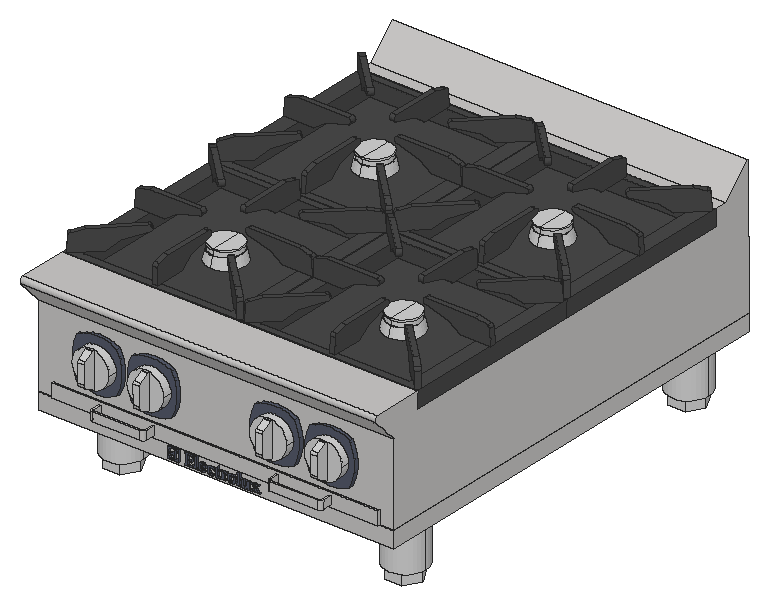
Revit family "QF_ELECTROLUXPROFESSIONAL_169131_ACG24T", category Specialty Equipment, Revit 2018
Family settings
  Round Connector Dimension = Use Diameter
  Part Type = Normal
  Work Plane-Based = No
  Always vertical = Yes
  Cut with Voids When Loaded = No
  Shared = Yes
  Room Calculation Point = No
Parameters
  Weight = "126 lbs."
  Watts = 0 W
  URL Manufacturer = "www.electrolux.com/foodservice"
  URL Cutsheet = "www.electrolux.com/foodservice"
  URL = "www.electrolux.com/foodservice"
  Type Mark [instance] = ""
  Type Comments = ""
  Status [instance] = ""
  Specification by User [instance] = ""
  Specification by Manufacturer = ""
  Show Logo = yes
  Show Clearance = yes
  Serial Number = ""
  Seismic Rating = ""
  SMACNA No = ""
  Revision Code [instance] = ""
  Omniclass Number and Title = ""
  NAFEM Spec ID Number = ""
  Model = "AGC24T"
  Mechanical Remarks [instance] = ""
  Mechanical Connection Type [instance] = ""
  MasterSpec. = ""
  Manufacturer = "ELECTROLUX"
  Item Number [instance] = ""
  Installed By [instance] = ""
  Identify Quantity as Lot [instance] = yes
  HP = "0 HP"
  Gas Size = 3/4"
  Gas RI Height [instance] = 0"
  Gas RI Connection Height [instance] = 7 9/16"
  Gas KW = 38
  Gas Input = 130000.0 Btu/h
  Furnished By [instance] = ""
  Foodservice Equipment Identifier [instance] = yes
  Direct Waste Size = 0"
  Description = "4 Open Gas Burner Top 24\" with Thermocouples"
  CSI MasterFormat = ""
  CSI Master Format = ""
Reference planes (in)
  plane 1 "BACK": y = 0
  plane 2: z = 0
  plane 3 "LEFT": x = 0
  plane 4 "RIGHT": x = 24
  plane 5 "FRONT": y = -31.49658
  plane 6 "TOP": z = 14.625
Forms (in)
  Extrusion 1, solid, material "QF_Finishes_Stainless Steel"
    sketch origin (0, 0, 0) x (0, 1, 0) y (0, 0, 1)
      loop
        arc (-31.25479, 12.8739) -> (-31.47376, 12.73038) -> (-31.42952, 12.47232) r 0.23881
        line (-31.42952, 12.47232) -> (-29.92264, 10.85467) -> (-29.92264, 5.3439) -> (0, 5.3439) -> (0, 14.64456) -> (-1.88863, 12.87587) -> (-2.73705, 12.87587) -> (-2.73705, 11.78131) -> (-27.90975, 11.78131) -> (-27.90964, 12.8739) -> (-31.25479, 12.8739)
      loop
        line (-29.92264, 5.30453) -> (-29.92264, 4.1875) -> (0, 4.1875) -> (0, 5.28228) -> (-29.92264, 5.30453)
    from 0 to 24
  Extrusion 2, solid, material "QF_Finishes_Handrails and Railings"
    sketch origin (0, -0.11377, 0) x (1, 0, 0) y (0, 1, 0)
      loop
        line (3.07085, -24.73494) -> (1.88975, -24.73494) -> (1.2992, -25.75781) -> (1.88975, -26.78067) -> (3.07085, -26.78067) -> (3.6614, -25.75781) -> (3.07085, -24.73494)
    from 0 to 0.78729
  Revolve 3, solid, material "QF_Finishes_Handrails and Railings"
    sketch origin (0, -25.87158, 0) x (1, 0, 0) y (0, 0, 1)
      loop
        line (2.4803, 0.78729) -> (2.4803, 4.1875) -> (1.10235, 4.1875) -> (1.10235, 0.78729) -> (2.4803, 0.78729)
      axis (2.4803, 4.1875) -> (2.4803, 0.78729)
    angle from 0 to 360
  Extrusion 4, solid, material "QF_Finishes_Handrails and Railings"
    sketch origin (0, 23.82031, 0) x (1, 0, 0) y (0, 1, 0)
      loop
        line (3.07085, -24.73494) -> (1.88975, -24.73494) -> (1.2992, -25.75781) -> (1.88975, -26.78067) -> (3.07085, -26.78067) -> (3.6614, -25.75781) -> (3.07085, -24.73494)
    from 0 to 0.78729
  Revolve 5, solid, material "QF_Finishes_Handrails and Railings"
    sketch origin (0, -1.9375, 0) x (1, 0, 0) y (0, 0, 1)
      loop
        line (2.4803, 0.78729) -> (2.4803, 4.1875) -> (1.10235, 4.1875) -> (1.10235, 0.78729) -> (2.4803, 0.78729)
      axis (2.4803, 4.1875) -> (2.4803, 0.78729)
    angle from 0 to 360
  Extrusion 6, solid, material "QF_Finishes_Black"
    sketch origin (0, 0, 0.87587) x (1, 0, 0) y (0, 1, 0)
      loop
        line (0, -2.73705) -> (0, -15.30609) -> (12, -15.30609) -> (12, -2.73705) -> (0, -2.73705)
      loop
        line (11.02362, -3.25097) -> (1.00352, -3.25097) -> (1.00352, -14.81396) -> (11.02362, -14.81396) -> (11.02362, -3.25097)
    from 10.90544 to 12
  Extrusion 7, solid, material "QF_Finishes_Black"
    sketch origin (0, -12.5853, 0.87587) x (1, 0, 0) y (0, 1, 0)
      loop
        line (0, -2.73705) -> (0, -15.30609) -> (12, -15.30609) -> (12, -2.73705) -> (0, -2.73705)
      loop
        line (11.02362, -3.25097) -> (1.00352, -3.25097) -> (1.00352, -14.81396) -> (11.02362, -14.81396) -> (11.02362, -3.25097)
    from 10.90544 to 12
  Extrusion 8, solid, material "QF_Finishes_Black"
    sketch origin (0, 0, 0.87587) x (1, 0, 0) y (0, 0, 1)
      loop
        line (11.03315, 13.42509) -> (7.66123, 13.42509)
        arc (7.66123, 13.42509) -> (7.46568, 13.25445) -> (7.60826, 13.03759) r 0.19737
        line (7.60826, 13.03759) -> (9.18152, 12.59928) -> (9.9716, 12) -> (12.01256, 12) -> (11.95626, 13.03934)
        arc (11.95626, 13.03934) -> (11.91054, 13.15724) -> (11.80402, 13.2254) r 0.20358
        line (11.80402, 13.2254) -> (11.03315, 13.42509)
    from 8.86514 to 9.19979
  Extrusion 9, solid, material "QF_Finishes_Black"
    sketch origin (12, 0, 0.87587) x (-1, 0, 0) y (0, 0, -1)
      loop
        line (11.03315, -13.42509) -> (11.80402, -13.2254)
        arc (11.80402, -13.2254) -> (11.91054, -13.15724) -> (11.95626, -13.03934) r 0.20358
        line (11.95626, -13.03934) -> (12.01256, -12) -> (9.9716, -12) -> (9.18152, -12.59928) -> (7.60826, -13.03759)
        arc (7.60826, -13.03759) -> (7.46568, -13.25445) -> (7.66123, -13.42509) r 0.19737
        line (7.66123, -13.42509) -> (11.03315, -13.42509)
    from 8.86514 to 9.19979
  Extrusion 10, solid, material "QF_Finishes_Black"
    sketch origin (15.0275, -5.00709, 0.87587) x (-0.707107, 0.707107, 0) y (0, 0, -1)
      loop
        line (11.03315, -13.42509) -> (11.80402, -13.2254)
        arc (11.80402, -13.2254) -> (11.91054, -13.15724) -> (11.95626, -13.03934) r 0.20358
        line (11.95626, -13.03934) -> (12.01256, -12) -> (9.9716, -12) -> (9.18152, -12.59928) -> (7.60826, -13.03759)
        arc (7.60826, -13.03759) -> (7.46568, -13.25445) -> (7.66123, -13.42509) r 0.19737
        line (7.66123, -13.42509) -> (11.03315, -13.42509)
    from 8.86514 to 9.19979
  Extrusion 11, solid, material "QF_Finishes_Black"
    sketch origin (-3.0275, -5.00709, 0.87587) x (0.707107, 0.707107, 0) y (0, 0, 1)
      loop
        line (11.03315, 13.42509) -> (7.66123, 13.42509)
        arc (7.66123, 13.42509) -> (7.46568, 13.25445) -> (7.60826, 13.03759) r 0.19737
        line (7.60826, 13.03759) -> (9.18152, 12.59928) -> (9.9716, 12) -> (12.01256, 12) -> (11.95626, 13.03934)
        arc (11.95626, 13.03934) -> (11.91054, 13.15724) -> (11.80402, 13.2254) r 0.20358
        line (11.80402, 13.2254) -> (11.03315, 13.42509)
    from 8.86514 to 9.19979
  Extrusion 12, solid, material "QF_Finishes_Black"
    sketch origin (15.0275, -13.05784, 0.87587) x (-0.707107, -0.707107, 0) y (0, 0, 1)
      loop
        line (11.03315, 13.42509) -> (7.66123, 13.42509)
        arc (7.66123, 13.42509) -> (7.46568, 13.25445) -> (7.60826, 13.03759) r 0.19737
        line (7.60826, 13.03759) -> (9.18152, 12.59928) -> (9.9716, 12) -> (12.01256, 12) -> (11.95626, 13.03934)
        arc (11.95626, 13.03934) -> (11.91054, 13.15724) -> (11.80402, 13.2254) r 0.20358
        line (11.80402, 13.2254) -> (11.03315, 13.42509)
    from 8.86514 to 9.19979
  Extrusion 13, solid, material "QF_Finishes_Black"
    sketch origin (-3.0275, -13.05784, 0.87587) x (0.707107, -0.707107, 0) y (0, 0, -1)
      loop
        line (11.03315, -13.42509) -> (11.80402, -13.2254)
        arc (11.80402, -13.2254) -> (11.91054, -13.15724) -> (11.95626, -13.03934) r 0.20358
        line (11.95626, -13.03934) -> (12.01256, -12) -> (9.9716, -12) -> (9.18152, -12.59928) -> (7.60826, -13.03759)
        arc (7.60826, -13.03759) -> (7.46568, -13.25445) -> (7.66123, -13.42509) r 0.19737
        line (7.66123, -13.42509) -> (11.03315, -13.42509)
    from 8.86514 to 9.19979
  Revolve 14, solid, material "QF_Finishes_Handrails and Railings"
    sketch origin (6, 12.54137, 0.87587) x (0, 1, 0) y (0, 0, 1)
      loop
        line (-21.57384, 12.02311) -> (-21.57384, 10.90544) -> (-20.31076, 10.90544) -> (-20.47945, 11.5802) -> (-20.54501, 11.5802) -> (-20.54501, 11.93953) -> (-20.47945, 11.93953) -> (-20.47945, 12.02311) -> (-21.57384, 12.02311)
      axis (-21.57384, 12.02311) -> (-21.57384, 10.90544)
    angle from 0 to 360
  Extrusion 15, solid, material "QF_Finishes_Black"
    sketch origin (0, -12.58301, 0.87587) x (1, 0, 0) y (0, 0, 1)
      loop
        line (11.03315, 13.42509) -> (7.66123, 13.42509)
        arc (7.66123, 13.42509) -> (7.46568, 13.25445) -> (7.60826, 13.03759) r 0.19737
        line (7.60826, 13.03759) -> (9.18152, 12.59928) -> (9.9716, 12) -> (12.01256, 12) -> (11.95626, 13.03934)
        arc (11.95626, 13.03934) -> (11.91054, 13.15724) -> (11.80402, 13.2254) r 0.20358
        line (11.80402, 13.2254) -> (11.03315, 13.42509)
    from 8.86514 to 9.19979
  Extrusion 16, solid, material "QF_Finishes_Black"
    sketch origin (12, -12.58301, 0.87587) x (-1, 0, 0) y (0, 0, -1)
      loop
        line (11.03315, -13.42509) -> (11.80402, -13.2254)
        arc (11.80402, -13.2254) -> (11.91054, -13.15724) -> (11.95626, -13.03934) r 0.20358
        line (11.95626, -13.03934) -> (12.01256, -12) -> (9.9716, -12) -> (9.18152, -12.59928) -> (7.60826, -13.03759)
        arc (7.60826, -13.03759) -> (7.46568, -13.25445) -> (7.66123, -13.42509) r 0.19737
        line (7.66123, -13.42509) -> (11.03315, -13.42509)
    from 8.86514 to 9.19979
  Extrusion 17, solid, material "QF_Finishes_Black"
    sketch origin (15.0275, -17.5901, 0.87587) x (-0.707107, 0.707107, 0) y (0, 0, -1)
      loop
        line (11.03315, -13.42509) -> (11.80402, -13.2254)
        arc (11.80402, -13.2254) -> (11.91054, -13.15724) -> (11.95626, -13.03934) r 0.20358
        line (11.95626, -13.03934) -> (12.01256, -12) -> (9.9716, -12) -> (9.18152, -12.59928) -> (7.60826, -13.03759)
        arc (7.60826, -13.03759) -> (7.46568, -13.25445) -> (7.66123, -13.42509) r 0.19737
        line (7.66123, -13.42509) -> (11.03315, -13.42509)
    from 8.86514 to 9.19979
  Extrusion 18, solid, material "QF_Finishes_Black"
    sketch origin (-3.0275, -17.5901, 0.87587) x (0.707107, 0.707107, 0) y (0, 0, 1)
      loop
        line (11.03315, 13.42509) -> (7.66123, 13.42509)
        arc (7.66123, 13.42509) -> (7.46568, 13.25445) -> (7.60826, 13.03759) r 0.19737
        line (7.60826, 13.03759) -> (9.18152, 12.59928) -> (9.9716, 12) -> (12.01256, 12) -> (11.95626, 13.03934)
        arc (11.95626, 13.03934) -> (11.91054, 13.15724) -> (11.80402, 13.2254) r 0.20358
        line (11.80402, 13.2254) -> (11.03315, 13.42509)
    from 8.86514 to 9.19979
  Extrusion 19, solid, material "QF_Finishes_Black"
    sketch origin (15.0275, -25.64085, 0.87587) x (-0.707107, -0.707107, 0) y (0, 0, 1)
      loop
        line (11.03315, 13.42509) -> (7.66123, 13.42509)
        arc (7.66123, 13.42509) -> (7.46568, 13.25445) -> (7.60826, 13.03759) r 0.19737
        line (7.60826, 13.03759) -> (9.18152, 12.59928) -> (9.9716, 12) -> (12.01256, 12) -> (11.95626, 13.03934)
        arc (11.95626, 13.03934) -> (11.91054, 13.15724) -> (11.80402, 13.2254) r 0.20358
        line (11.80402, 13.2254) -> (11.03315, 13.42509)
    from 8.86514 to 9.19979
  Extrusion 20, solid, material "QF_Finishes_Black"
    sketch origin (-3.0275, -25.64085, 0.87587) x (0.707107, -0.707107, 0) y (0, 0, -1)
      loop
        line (11.03315, -13.42509) -> (11.80402, -13.2254)
        arc (11.80402, -13.2254) -> (11.91054, -13.15724) -> (11.95626, -13.03934) r 0.20358
        line (11.95626, -13.03934) -> (12.01256, -12) -> (9.9716, -12) -> (9.18152, -12.59928) -> (7.60826, -13.03759)
        arc (7.60826, -13.03759) -> (7.46568, -13.25445) -> (7.66123, -13.42509) r 0.19737
        line (7.66123, -13.42509) -> (11.03315, -13.42509)
    from 8.86514 to 9.19979
  Revolve 21, solid, material "QF_Finishes_Handrails and Railings"
    sketch origin (6, -0.04163, 0.87587) x (0, 1, 0) y (0, 0, 1)
      loop
        line (-21.57384, 12.02311) -> (-21.57384, 10.90544) -> (-20.31076, 10.90544) -> (-20.47945, 11.5802) -> (-20.54501, 11.5802) -> (-20.54501, 11.93953) -> (-20.47945, 11.93953) -> (-20.47945, 12.02311) -> (-21.57384, 12.02311)
      axis (-21.57384, 12.02311) -> (-21.57384, 10.90544)
    angle from 0 to 360
  Extrusion 22, solid, material "Navy Blue"
    sketch origin (0, 0, 0) x (1, 0, 0) y (0, 0, 1)
      loop
        arc (6.50574, 9.87065) -> (6.16818, 8.46518) -> (6.50574, 7.05971) r 3.09468
        arc (6.50574, 7.05971) -> (7.85673, 6.69495) -> (9.20772, 7.05971) r 2.68427
        arc (9.20772, 7.05971) -> (9.54528, 8.46518) -> (9.20772, 9.87065) r 3.09468
        arc (9.20772, 9.87065) -> (7.85673, 10.23541) -> (6.50574, 9.87065) r 2.68427
    from 29.92264 to 30.17272
  Extrusion 23, solid, material "QF_Finishes_Handrails and Railings"
    sketch origin (0, 0, 0) x (1, 0, 0) y (0, 0, 1)
      loop
        circle (7.85673, 8.46518) r 1.25
    from 30.17272 to 30.7208
  Extrusion 24, solid, material "QF_Finishes_Handrails and Railings"
    sketch origin (0, -0.08156, 0) x (0, 1, 0) y (0, 0, 1)
      loop
        line (-30.7208, 9.61954) -> (-31.32961, 9.27409)
        arc (-31.32961, 9.27409) -> (-31.39236, 9.21203) -> (-31.41533, 9.12681) r 0.16924
        line (-31.41533, 9.12681) -> (-31.41471, 7.86711)
        arc (-31.41471, 7.86711) -> (-31.37661, 7.72631) -> (-31.27282, 7.62384) r 0.27972
        line (-31.27282, 7.62384) -> (-30.7208, 7.31125) -> (-30.63924, 7.31125) -> (-30.63924, 9.61954) -> (-30.7208, 9.61954)
    from 7.63866 to 8.09484
  Extrusion 25, solid, material "Navy Blue"
    sketch origin (12, 0, 0) x (-1, 0, 0) y (0, 0, -1)
      loop
        arc (6.50574, -9.87065) -> (7.85673, -10.23541) -> (9.20772, -9.87065) r 2.68427
        arc (9.20772, -9.87065) -> (9.54528, -8.46518) -> (9.20772, -7.05971) r 3.09468
        arc (9.20772, -7.05971) -> (7.85673, -6.69495) -> (6.50574, -7.05971) r 2.68427
        arc (6.50574, -7.05971) -> (6.16818, -8.46518) -> (6.50574, -9.87065) r 3.09468
    from 29.92264 to 30.17272
  Extrusion 26, solid, material "QF_Finishes_Handrails and Railings"
    sketch origin (12, 0, 0) x (-1, 0, 0) y (0, 0, -1)
      loop
        circle (7.85673, -8.46518) r 1.25
    from 30.17272 to 30.7208
  Extrusion 27, solid, material "QF_Finishes_Handrails and Railings"
    sketch origin (12, -0.08156, 0) x (0, 1, 0) y (0, 0, -1)
      loop
        line (-30.7208, -9.61954) -> (-30.63924, -9.61954) -> (-30.63924, -7.31125) -> (-30.7208, -7.31125) -> (-31.27282, -7.62384)
        arc (-31.27282, -7.62384) -> (-31.37661, -7.72631) -> (-31.41471, -7.86711) r 0.27972
        line (-31.41471, -7.86711) -> (-31.41533, -9.12681)
        arc (-31.41533, -9.12681) -> (-31.39236, -9.21203) -> (-31.32961, -9.27409) r 0.16924
        line (-31.32961, -9.27409) -> (-30.7208, -9.61954)
    from 7.63866 to 8.09484
  Extrusion 28, solid, material "QF_Finishes_Stainless Steel"
    sketch origin (0, 0, 0) x (1, 0, 0) y (0, 0, 1)
      loop
        line (1, 5.3439) -> (23.02362, 5.3439) -> (23.02362, 6.23559) -> (1, 6.23559) -> (1, 5.3439)
    from 29.92264 to 30.06107
  Extrusion 29, solid, material "QF_Finishes_Stainless Steel"
    sketch origin (0, 0, 0) x (1, 0, 0) y (0, 1, 0)
      loop
        line (4.14807, -30.06107) -> (4.14807, -30.63839)
        arc (4.14807, -30.63839) -> (4.2213, -30.81517) -> (4.39807, -30.88839) r 0.25
        line (4.39807, -30.88839) -> (7.60673, -30.88839)
        arc (7.60673, -30.88839) -> (7.78351, -30.81517) -> (7.85673, -30.63839) r 0.25
        line (7.85673, -30.63839) -> (7.85673, -30.06107) -> (7.73173, -30.06107) -> (7.73173, -30.63839)
        arc (7.73173, -30.63839) -> (7.69512, -30.72678) -> (7.60673, -30.76339) r 0.125
        line (7.60673, -30.76339) -> (4.39807, -30.76339)
        arc (4.39807, -30.76339) -> (4.30968, -30.72678) -> (4.27307, -30.63839) r 0.125
        line (4.27307, -30.63839) -> (4.27307, -30.06107) -> (4.14807, -30.06107)
    from 5.46007 to 6.02609
  Extrusion 30, solid, material "QF_Finishes_Black"
    sketch origin (15.03247, -15.61547, 0.87587) x (0, -1, 0) y (0, 0, 1)
      loop
        line (11.03315, 13.42509) -> (7.66123, 13.42509)
        arc (7.66123, 13.42509) -> (7.46568, 13.25445) -> (7.60826, 13.03759) r 0.19737
        line (7.60826, 13.03759) -> (9.18152, 12.59928) -> (9.9716, 12) -> (12.01256, 12) -> (11.95626, 13.03934)
        arc (11.95626, 13.03934) -> (11.91054, 13.15724) -> (11.80402, 13.2254) r 0.20358
        line (11.80402, 13.2254) -> (11.03315, 13.42509)
    from 8.86514 to 9.19979
  Extrusion 31, solid, material "QF_Finishes_Black"
    sketch origin (15.03247, -27.61547, 0.87587) x (0, 1, 0) y (0, 0, -1)
      loop
        line (11.03315, -13.42509) -> (11.80402, -13.2254)
        arc (11.80402, -13.2254) -> (11.91054, -13.15724) -> (11.95626, -13.03934) r 0.20358
        line (11.95626, -13.03934) -> (12.01256, -12) -> (9.9716, -12) -> (9.18152, -12.59928) -> (7.60826, -13.03759)
        arc (7.60826, -13.03759) -> (7.46568, -13.25445) -> (7.66123, -13.42509) r 0.19737
        line (7.66123, -13.42509) -> (11.03315, -13.42509)
    from 8.86514 to 9.19979
  Extrusion 32, solid, material "QF_Finishes_Black"
    sketch origin (15.03247, -3.03247, 0.87587) x (0, -1, 0) y (0, 0, 1)
      loop
        line (11.03315, 13.42509) -> (7.66123, 13.42509)
        arc (7.66123, 13.42509) -> (7.46568, 13.25445) -> (7.60826, 13.03759) r 0.19737
        line (7.60826, 13.03759) -> (9.18152, 12.59928) -> (9.9716, 12) -> (12.01256, 12) -> (11.95626, 13.03934)
        arc (11.95626, 13.03934) -> (11.91054, 13.15724) -> (11.80402, 13.2254) r 0.20358
        line (11.80402, 13.2254) -> (11.03315, 13.42509)
    from 8.86514 to 9.19979
  Extrusion 33, solid, material "QF_Finishes_Black"
    sketch origin (15.03247, -15.03247, 0.87587) x (0, 1, 0) y (0, 0, -1)
      loop
        line (11.03315, -13.42509) -> (11.80402, -13.2254)
        arc (11.80402, -13.2254) -> (11.91054, -13.15724) -> (11.95626, -13.03934) r 0.20358
        line (11.95626, -13.03934) -> (12.01256, -12) -> (9.9716, -12) -> (9.18152, -12.59928) -> (7.60826, -13.03759)
        arc (7.60826, -13.03759) -> (7.46568, -13.25445) -> (7.66123, -13.42509) r 0.19737
        line (7.66123, -13.42509) -> (11.03315, -13.42509)
    from 8.86514 to 9.19979
  Extrusion 34, solid, material "Navy Blue", visible <- "Show Logo"
    sketch origin (-13.66497, 15.97722, -64.54174) x (1, 0, 0) y (0, 0, 1)
      loop
        line (22.92786, 69.6462) -> (22.92786, 68.97238)
        arc (22.92786, 68.97238) -> (23.17694, 69.30929) -> (22.92786, 69.6462) r 0.35239
      loop
        arc (22.89359, 69.6462) -> (22.61337, 69.58251) -> (22.47836, 69.32883) r 0.34534
        line (22.47836, 69.32883) -> (22.58983, 69.32883)
        arc (22.58983, 69.32883) -> (22.78898, 69.40966) -> (22.89359, 69.59741) r 0.32369
        line (22.89359, 69.59741) -> (22.89359, 69.6462)
      loop
        arc (22.89359, 69.02118) -> (22.78898, 69.20892) -> (22.58983, 69.28976) r 0.32369
        line (22.58983, 69.28976) -> (22.47836, 69.28976)
        arc (22.47836, 69.28976) -> (22.61314, 69.03398) -> (22.89359, 68.96373) r 0.35438
        line (22.89359, 68.96373) -> (22.89359, 69.02118)
      loop
        line (22.45278, 69.68297) -> (22.45278, 68.93408) -> (23.20268, 68.93408) -> (23.20268, 69.68297) -> (22.45278, 69.68297)
      loop
        line (23.57392, 69.68753) -> (23.57392, 69.6483)
        arc (23.57392, 69.6483) -> (23.62149, 69.63495) -> (23.64661, 69.59241) r 0.06626
        line (23.64661, 69.59241) -> (23.64661, 69.02506)
        arc (23.64661, 69.02506) -> (23.62256, 68.98016) -> (23.57396, 68.96488) r 0.06745
        line (23.57396, 68.96488) -> (23.57396, 68.92937) -> (24.14289, 68.92937) -> (24.14289, 69.07925) -> (24.094, 69.07925)
        arc (24.094, 69.07925) -> (24.0624, 69.02972) -> (24.00915, 69.0049) r 0.10503
        line (24.00915, 69.0049) -> (23.87299, 69.0049)
        arc (23.87299, 69.0049) -> (23.83329, 69.01991) -> (23.81345, 69.05743) r 0.06
        line (23.81345, 69.05743) -> (23.81345, 69.28009) -> (24.01361, 69.28009)
        arc (24.01361, 69.28009) -> (24.04135, 69.26003) -> (24.05328, 69.22795) r 0.05899
        line (24.05328, 69.22795) -> (24.08489, 69.22795) -> (24.08489, 69.40532) -> (24.05328, 69.40532)
        arc (24.05328, 69.40532) -> (24.04135, 69.37324) -> (24.01361, 69.35319) r 0.05899
        line (24.01361, 69.35319) -> (23.81345, 69.35319) -> (23.81345, 69.60803) -> (24.01764, 69.60803)
        arc (24.01764, 69.60803) -> (24.06367, 69.59288) -> (24.08951, 69.55188) r 0.07161
        line (24.08951, 69.55188) -> (24.12389, 69.55188) -> (24.12389, 69.68753) -> (23.57392, 69.68753)
      loop
        line (24.19687, 69.68753) -> (24.19687, 69.65098)
        arc (24.19687, 69.65098) -> (24.24558, 69.63081) -> (24.26576, 69.58209) r 0.06889
        line (24.26576, 69.58209) -> (24.26576, 69.05632)
        arc (24.26576, 69.05632) -> (24.24416, 69.00892) -> (24.19421, 68.99412) r 0.06281
        line (24.19421, 68.99412) -> (24.19421, 68.92937) -> (24.48487, 68.92937) -> (24.48487, 68.99412)
        arc (24.48487, 68.99412) -> (24.43492, 69.00892) -> (24.41332, 69.05632) r 0.06281
        line (24.41332, 69.05632) -> (24.41332, 69.71411) -> (24.19687, 69.68753)
      loop
        line (24.67774, 69.1307) -> (24.67774, 69.19988) -> (25.02902, 69.19988) -> (25.02902, 69.24342)
        arc (25.02902, 69.24342) -> (24.97537, 69.38403) -> (24.8417, 69.45315) r 0.21106
        line (24.8417, 69.45315) -> (24.74575, 69.45315)
        arc (24.74575, 69.45315) -> (24.58967, 69.3885) -> (24.52503, 69.23242) r 0.22073
        line (24.52503, 69.23242) -> (24.52503, 69.123)
        arc (24.52503, 69.123) -> (24.60594, 68.96944) -> (24.76978, 68.91213) r 0.23712
        arc (24.76978, 68.91213) -> (24.904, 68.93198) -> (25.01703, 69.00704) r 0.31131
        line (25.01703, 69.00704) -> (25.01703, 69.05875)
        arc (25.01703, 69.05875) -> (24.93153, 69.01883) -> (24.83791, 69.00704) r 0.304
        arc (24.83791, 69.00704) -> (24.73948, 69.04304) -> (24.68203, 69.1307) r 0.16658
      loop
        line (24.67774, 69.2685) -> (24.88387, 69.2685) -> (24.88387, 69.31067)
        arc (24.88387, 69.31067) -> (24.8636, 69.36636) -> (24.81228, 69.39599) r 0.08663
        line (24.81228, 69.39599) -> (24.7671, 69.39599)
        arc (24.7671, 69.39599) -> (24.69868, 69.34888) -> (24.67774, 69.2685) r 0.11901
      loop
        arc (25.57907, 69.42057) -> (25.48785, 69.4472) -> (25.39322, 69.45579) r 0.49163
        line (25.39322, 69.45579) -> (25.31898, 69.45579)
        arc (25.31898, 69.45579) -> (25.16644, 69.39261) -> (25.10326, 69.24007) r 0.21572
        line (25.10326, 69.24007) -> (25.10326, 69.09839)
        arc (25.10326, 69.09839) -> (25.1737, 68.97407) -> (25.30297, 68.91318) r 0.23599
        line (25.30297, 68.91318) -> (25.41932, 68.91318)
        arc (25.41932, 68.91318) -> (25.51994, 68.94946) -> (25.60259, 69.01736) r 0.31449
        line (25.60259, 69.01736) -> (25.60259, 69.06672) -> (25.56735, 69.06672)
        arc (25.56735, 69.06672) -> (25.51758, 69.02418) -> (25.45391, 69.00888) r 0.14017
        line (25.45391, 69.00888) -> (25.37135, 69.00888)
        arc (25.37135, 69.00888) -> (25.28191, 69.06369) -> (25.2469, 69.16257) r 0.15712
        line (25.2469, 69.16257) -> (25.2469, 69.23224)
        arc (25.2469, 69.23224) -> (25.27742, 69.33147) -> (25.36813, 69.38195) r 0.13914
        line (25.36813, 69.38195) -> (25.42553, 69.38195)
        arc (25.42553, 69.38195) -> (25.4982, 69.34763) -> (25.53993, 69.27894) r 0.13972
        line (25.53993, 69.27894) -> (25.57907, 69.27894) -> (25.57907, 69.42057)
      loop
        line (25.5938, 69.36509) -> (25.67558, 69.36509) -> (25.67558, 69.03555)
        arc (25.67558, 69.03555) -> (25.71142, 68.94902) -> (25.79795, 68.91318) r 0.12237
        line (25.79795, 68.91318) -> (25.88423, 68.91318)
        arc (25.88423, 68.91318) -> (25.95312, 68.94271) -> (26.00819, 68.99355) r 0.22123
        line (26.00819, 68.99355) -> (26.00819, 69.02847) -> (25.97122, 69.02847)
        arc (25.97122, 69.02847) -> (25.93052, 69.00759) -> (25.88479, 69.00888) r 0.09207
        arc (25.88479, 69.00888) -> (25.84186, 69.03838) -> (25.82533, 69.08778) r 0.08208
        line (25.82533, 69.08778) -> (25.82533, 69.36773) -> (25.95595, 69.36773) -> (25.98627, 69.39804) -> (25.98627, 69.44281) -> (25.83045, 69.44281) -> (25.83045, 69.61886) -> (25.5938, 69.36509)
      loop
        line (26.03517, 68.92504) -> (26.32868, 68.92504) -> (26.32868, 68.98552)
        arc (26.32868, 68.98552) -> (26.27686, 69.00698) -> (26.2554, 69.0588) r 0.07328
        line (26.2554, 69.0588) -> (26.2554, 69.25583)
        arc (26.2554, 69.25583) -> (26.28765, 69.29749) -> (26.33792, 69.31327) r 0.088
        line (26.33792, 69.31327) -> (26.42268, 69.31327) -> (26.46, 69.45253) -> (26.38466, 69.45253)
        arc (26.38466, 69.45253) -> (26.3098, 69.42153) -> (26.2788, 69.34667) r 0.10586
        line (26.2788, 69.34667) -> (26.24521, 69.34667) -> (26.24521, 69.44913) -> (26.0346, 69.42699) -> (26.0346, 69.39208)
        arc (26.0346, 69.39208) -> (26.08292, 69.37113) -> (26.10845, 69.32506) r 0.08178
        line (26.10845, 69.32506) -> (26.10845, 69.0588)
        arc (26.10845, 69.0588) -> (26.08698, 69.00698) -> (26.03517, 68.98552) r 0.07328
        line (26.03517, 68.98552) -> (26.03517, 68.92504)
      loop
        line (26.4717, 69.2575) -> (26.4717, 69.11082)
        arc (26.4717, 69.11082) -> (26.54295, 68.97757) -> (26.68084, 68.91579) r 0.23366
        arc (26.68084, 68.91579) -> (26.75604, 68.91233) -> (26.83125, 68.91579) r 0.81853
        arc (26.83125, 68.91579) -> (26.96914, 68.97757) -> (27.04039, 69.11082) r 0.23366
        line (27.04039, 69.11082) -> (27.04039, 69.2575)
        arc (27.04039, 69.2575) -> (26.96914, 69.39075) -> (26.83125, 69.45253) r 0.23366
        arc (26.83125, 69.45253) -> (26.75604, 69.45599) -> (26.68084, 69.45253) r 0.81853
        arc (26.68084, 69.45253) -> (26.54295, 69.39075) -> (26.4717, 69.2575) r 0.23366
      loop
        line (26.64139, 69.26866) -> (26.64139, 69.09966)
        arc (26.64139, 69.09966) -> (26.75891, 68.98213) -> (26.87643, 69.09966) r 0.11752
        line (26.87643, 69.09966) -> (26.87643, 69.26866)
        arc (26.87643, 69.26866) -> (26.75891, 69.38619) -> (26.64139, 69.26866) r 0.11752
      loop
        line (27.08187, 69.68753) -> (27.08187, 69.64903)
        arc (27.08187, 69.64903) -> (27.13059, 69.62885) -> (27.15076, 69.58014) r 0.06889
        line (27.15076, 69.58014) -> (27.15076, 69.04265)
        arc (27.15076, 69.04265) -> (27.12916, 68.99525) -> (27.07922, 68.98045) r 0.06281
        line (27.07922, 68.98045) -> (27.07922, 68.92937) -> (27.36987, 68.92937) -> (27.36987, 68.98045)
        arc (27.36987, 68.98045) -> (27.31992, 68.99525) -> (27.29832, 69.04265) r 0.06281
        line (27.29832, 69.04265) -> (27.29832, 69.71411) -> (27.08187, 69.68753)
      loop
        arc (27.56578, 68.9189) -> (27.48158, 68.95913) -> (27.44739, 69.04596) r 0.12738
        line (27.44739, 69.04596) -> (27.44739, 69.31948)
        arc (27.44739, 69.31948) -> (27.42537, 69.36878) -> (27.37395, 69.38526) r 0.06618
        line (27.37395, 69.38526) -> (27.37395, 69.42631) -> (27.59762, 69.44982) -> (27.59762, 69.11219)
        arc (27.59762, 69.11219) -> (27.62174, 69.04935) -> (27.68172, 69.01879) r 0.09392
        arc (27.68172, 69.01879) -> (27.73752, 69.02275) -> (27.78856, 69.04565) r 0.16019
        line (27.78856, 69.04565) -> (27.78856, 69.32369)
        arc (27.78856, 69.32369) -> (27.76083, 69.36469) -> (27.71529, 69.38406) r 0.08743
        line (27.71529, 69.38406) -> (27.71529, 69.42692) -> (27.94433, 69.44294) -> (27.94433, 69.02604)
        arc (27.94433, 69.02604) -> (27.9585, 68.98878) -> (27.99384, 68.97036) r 0.05606
        line (27.99384, 68.97036) -> (27.99384, 68.92937) -> (27.8523, 68.92937)
        arc (27.8523, 68.92937) -> (27.81996, 68.94344) -> (27.80822, 68.97669) r 0.04419
        line (27.80822, 68.97669) -> (27.77574, 68.97669)
        arc (27.77574, 68.97669) -> (27.72, 68.93392) -> (27.65141, 68.91872) r 0.1623
        line (27.65141, 68.91872) -> (27.5689, 68.91872)
      loop
        line (27.99384, 69.43917) -> (27.99384, 69.40417)
        arc (27.99384, 69.40417) -> (28.05152, 69.38277) -> (28.10231, 69.34805) r 0.25223
        line (28.10231, 69.34805) -> (28.22795, 69.17511) -> (28.05838, 68.98679)
        arc (28.05838, 68.98679) -> (28.03693, 68.97387) -> (28.01192, 68.97509) r 0.04299
        line (28.01192, 68.97509) -> (28.01192, 68.92937) -> (28.20509, 68.92937) -> (28.20509, 68.97439)
        arc (28.20509, 68.97439) -> (28.18534, 68.99304) -> (28.19035, 69.01974) r 0.02835
        line (28.19035, 69.01974) -> (28.27051, 69.11781) -> (28.34546, 69.00239)
        arc (28.34546, 69.00239) -> (28.32857, 68.98053) -> (28.30136, 68.97581) r 0.03815
        line (28.30136, 68.97581) -> (28.30136, 68.92937) -> (28.63046, 68.92937) -> (28.63046, 68.97768)
        arc (28.63046, 68.97768) -> (28.59456, 68.98133) -> (28.56559, 69.00285) r 0.06795
        line (28.56559, 69.00285) -> (28.38385, 69.23546) -> (28.48746, 69.35895)
        arc (28.48746, 69.35895) -> (28.53396, 69.39302) -> (28.59095, 69.40172) r 0.12107
        line (28.59095, 69.40172) -> (28.59095, 69.43917) -> (28.38306, 69.43917) -> (28.38306, 69.40172)
        arc (28.38306, 69.40172) -> (28.41038, 69.38848) -> (28.40759, 69.35825) r 0.02666
        line (28.40759, 69.35825) -> (28.33803, 69.27536) -> (28.27317, 69.36799)
        arc (28.27317, 69.36799) -> (28.28698, 69.39468) -> (28.31549, 69.40418) r 0.03992
        line (28.31549, 69.40418) -> (28.31549, 69.43917) -> (27.99384, 69.43917)
    from 45.89987 to 45.9727
  Extrusion 35, solid
    sketch origin (0, 0.50515, 0) x (1, 0, 0) y (0, 0, 1)
      loop
        circle (1.6875, 7.5625) r 0.375
    from -0.49485 to 0.50515
  Extrusion 36, solid, material "QF_Finishes_Clearance", visible <- "Show Clearance", detail levels coarse
    sketch origin (2.80868, 0.84181, 0) x (1, 0, 0) y (0, 1, 0)
      loop
        line (-12.80868, 3.15819) -> (-12.80868, -32.33839) -> (-2.80868, -32.33839) -> (-2.80868, -0.84181) -> (21.19132, -0.84181) -> (21.19132, -32.33839) -> (31.19132, -32.33839) -> (31.19132, 3.15819) -> (-12.80868, 3.15819)
    from 0 to 14.625
  Extrusion 37, solid, material "QF_Finishes_Handrails and Railings"
    sketch origin (19.04727, -0.11377, 0) x (1, 0, 0) y (0, 1, 0)
      loop
        line (3.07085, -24.73494) -> (1.88975, -24.73494) -> (1.2992, -25.75781) -> (1.88975, -26.78067) -> (3.07085, -26.78067) -> (3.6614, -25.75781) -> (3.07085, -24.73494)
    from 0 to 0.78729
  Revolve 38, solid, material "QF_Finishes_Handrails and Railings"
    sketch origin (19.04727, -25.87158, 0) x (1, 0, 0) y (0, 0, 1)
      loop
        line (2.4803, 0.78729) -> (2.4803, 4.1875) -> (1.10235, 4.1875) -> (1.10235, 0.78729) -> (2.4803, 0.78729)
      axis (2.4803, 4.1875) -> (2.4803, 0.78729)
    angle from 0 to 360
  Extrusion 39, solid, material "QF_Finishes_Handrails and Railings"
    sketch origin (19.04727, 23.82031, 0) x (1, 0, 0) y (0, 1, 0)
      loop
        line (3.07085, -24.73494) -> (1.88975, -24.73494) -> (1.2992, -25.75781) -> (1.88975, -26.78067) -> (3.07085, -26.78067) -> (3.6614, -25.75781) -> (3.07085, -24.73494)
    from 0 to 0.78729
  Revolve 40, solid, material "QF_Finishes_Handrails and Railings"
    sketch origin (19.04727, -1.9375, 0) x (1, 0, 0) y (0, 0, 1)
      loop
        line (2.4803, 0.78729) -> (2.4803, 4.1875) -> (1.10235, 4.1875) -> (1.10235, 0.78729) -> (2.4803, 0.78729)
      axis (2.4803, 4.1875) -> (2.4803, 0.78729)
    angle from 0 to 360
  Extrusion 41, solid, material "QF_Finishes_Black"
    sketch origin (12, 0, 0.87587) x (1, 0, 0) y (0, 1, 0)
      loop
        line (0, -2.73705) -> (0, -15.30609) -> (12, -15.30609) -> (12, -2.73705) -> (0, -2.73705)
      loop
        line (11.02362, -3.25097) -> (1.00352, -3.25097) -> (1.00352, -14.81396) -> (11.02362, -14.81396) -> (11.02362, -3.25097)
    from 10.90544 to 12
  Extrusion 42, solid, material "QF_Finishes_Black"
    sketch origin (12, -12.5853, 0.87587) x (1, 0, 0) y (0, 1, 0)
      loop
        line (0, -2.73705) -> (0, -15.30609) -> (12, -15.30609) -> (12, -2.73705) -> (0, -2.73705)
      loop
        line (11.02362, -3.25097) -> (1.00352, -3.25097) -> (1.00352, -14.81396) -> (11.02362, -14.81396) -> (11.02362, -3.25097)
    from 10.90544 to 12
  Extrusion 43, solid, material "QF_Finishes_Black"
    sketch origin (12, 0, 0.87587) x (1, 0, 0) y (0, 0, 1)
      loop
        line (11.03315, 13.42509) -> (7.66123, 13.42509)
        arc (7.66123, 13.42509) -> (7.46568, 13.25445) -> (7.60826, 13.03759) r 0.19737
        line (7.60826, 13.03759) -> (9.18152, 12.59928) -> (9.9716, 12) -> (12.01256, 12) -> (11.95626, 13.03934)
        arc (11.95626, 13.03934) -> (11.91054, 13.15724) -> (11.80402, 13.2254) r 0.20358
        line (11.80402, 13.2254) -> (11.03315, 13.42509)
    from 8.86514 to 9.19979
  Extrusion 44, solid, material "QF_Finishes_Black"
    sketch origin (24, 0, 0.87587) x (-1, 0, 0) y (0, 0, -1)
      loop
        line (11.03315, -13.42509) -> (11.80402, -13.2254)
        arc (11.80402, -13.2254) -> (11.91054, -13.15724) -> (11.95626, -13.03934) r 0.20358
        line (11.95626, -13.03934) -> (12.01256, -12) -> (9.9716, -12) -> (9.18152, -12.59928) -> (7.60826, -13.03759)
        arc (7.60826, -13.03759) -> (7.46568, -13.25445) -> (7.66123, -13.42509) r 0.19737
        line (7.66123, -13.42509) -> (11.03315, -13.42509)
    from 8.86514 to 9.19979
  Extrusion 45, solid, material "QF_Finishes_Black"
    sketch origin (27.0275, -5.00709, 0.87587) x (-0.707107, 0.707107, 0) y (0, 0, -1)
      loop
        line (11.03315, -13.42509) -> (11.80402, -13.2254)
        arc (11.80402, -13.2254) -> (11.91054, -13.15724) -> (11.95626, -13.03934) r 0.20358
        line (11.95626, -13.03934) -> (12.01256, -12) -> (9.9716, -12) -> (9.18152, -12.59928) -> (7.60826, -13.03759)
        arc (7.60826, -13.03759) -> (7.46568, -13.25445) -> (7.66123, -13.42509) r 0.19737
        line (7.66123, -13.42509) -> (11.03315, -13.42509)
    from 8.86514 to 9.19979
  Extrusion 46, solid, material "QF_Finishes_Black"
    sketch origin (8.9725, -5.00709, 0.87587) x (0.707107, 0.707107, 0) y (0, 0, 1)
      loop
        line (11.03315, 13.42509) -> (7.66123, 13.42509)
        arc (7.66123, 13.42509) -> (7.46568, 13.25445) -> (7.60826, 13.03759) r 0.19737
        line (7.60826, 13.03759) -> (9.18152, 12.59928) -> (9.9716, 12) -> (12.01256, 12) -> (11.95626, 13.03934)
        arc (11.95626, 13.03934) -> (11.91054, 13.15724) -> (11.80402, 13.2254) r 0.20358
        line (11.80402, 13.2254) -> (11.03315, 13.42509)
    from 8.86514 to 9.19979
  Extrusion 47, solid, material "QF_Finishes_Black"
    sketch origin (27.0275, -13.05784, 0.87587) x (-0.707107, -0.707107, 0) y (0, 0, 1)
      loop
        line (11.03315, 13.42509) -> (7.66123, 13.42509)
        arc (7.66123, 13.42509) -> (7.46568, 13.25445) -> (7.60826, 13.03759) r 0.19737
        line (7.60826, 13.03759) -> (9.18152, 12.59928) -> (9.9716, 12) -> (12.01256, 12) -> (11.95626, 13.03934)
        arc (11.95626, 13.03934) -> (11.91054, 13.15724) -> (11.80402, 13.2254) r 0.20358
        line (11.80402, 13.2254) -> (11.03315, 13.42509)
    from 8.86514 to 9.19979
  Extrusion 48, solid, material "QF_Finishes_Black"
    sketch origin (8.9725, -13.05784, 0.87587) x (0.707107, -0.707107, 0) y (0, 0, -1)
      loop
        line (11.03315, -13.42509) -> (11.80402, -13.2254)
        arc (11.80402, -13.2254) -> (11.91054, -13.15724) -> (11.95626, -13.03934) r 0.20358
        line (11.95626, -13.03934) -> (12.01256, -12) -> (9.9716, -12) -> (9.18152, -12.59928) -> (7.60826, -13.03759)
        arc (7.60826, -13.03759) -> (7.46568, -13.25445) -> (7.66123, -13.42509) r 0.19737
        line (7.66123, -13.42509) -> (11.03315, -13.42509)
    from 8.86514 to 9.19979
  Revolve 49, solid, material "QF_Finishes_Handrails and Railings"
    sketch origin (18, 12.54137, 0.87587) x (0, 1, 0) y (0, 0, 1)
      loop
        line (-21.57384, 12.02311) -> (-21.57384, 10.90544) -> (-20.31076, 10.90544) -> (-20.47945, 11.5802) -> (-20.54501, 11.5802) -> (-20.54501, 11.93953) -> (-20.47945, 11.93953) -> (-20.47945, 12.02311) -> (-21.57384, 12.02311)
      axis (-21.57384, 12.02311) -> (-21.57384, 10.90544)
    angle from 0 to 360
  Extrusion 50, solid, material "QF_Finishes_Black"
    sketch origin (12, -12.58301, 0.87587) x (1, 0, 0) y (0, 0, 1)
      loop
        line (11.03315, 13.42509) -> (7.66123, 13.42509)
        arc (7.66123, 13.42509) -> (7.46568, 13.25445) -> (7.60826, 13.03759) r 0.19737
        line (7.60826, 13.03759) -> (9.18152, 12.59928) -> (9.9716, 12) -> (12.01256, 12) -> (11.95626, 13.03934)
        arc (11.95626, 13.03934) -> (11.91054, 13.15724) -> (11.80402, 13.2254) r 0.20358
        line (11.80402, 13.2254) -> (11.03315, 13.42509)
    from 8.86514 to 9.19979
  Extrusion 51, solid, material "QF_Finishes_Black"
    sketch origin (24, -12.58301, 0.87587) x (-1, 0, 0) y (0, 0, -1)
      loop
        line (11.03315, -13.42509) -> (11.80402, -13.2254)
        arc (11.80402, -13.2254) -> (11.91054, -13.15724) -> (11.95626, -13.03934) r 0.20358
        line (11.95626, -13.03934) -> (12.01256, -12) -> (9.9716, -12) -> (9.18152, -12.59928) -> (7.60826, -13.03759)
        arc (7.60826, -13.03759) -> (7.46568, -13.25445) -> (7.66123, -13.42509) r 0.19737
        line (7.66123, -13.42509) -> (11.03315, -13.42509)
    from 8.86514 to 9.19979
  Extrusion 52, solid, material "QF_Finishes_Black"
    sketch origin (27.0275, -17.5901, 0.87587) x (-0.707107, 0.707107, 0) y (0, 0, -1)
      loop
        line (11.03315, -13.42509) -> (11.80402, -13.2254)
        arc (11.80402, -13.2254) -> (11.91054, -13.15724) -> (11.95626, -13.03934) r 0.20358
        line (11.95626, -13.03934) -> (12.01256, -12) -> (9.9716, -12) -> (9.18152, -12.59928) -> (7.60826, -13.03759)
        arc (7.60826, -13.03759) -> (7.46568, -13.25445) -> (7.66123, -13.42509) r 0.19737
        line (7.66123, -13.42509) -> (11.03315, -13.42509)
    from 8.86514 to 9.19979
  Extrusion 53, solid, material "QF_Finishes_Black"
    sketch origin (8.9725, -17.5901, 0.87587) x (0.707107, 0.707107, 0) y (0, 0, 1)
      loop
        line (11.03315, 13.42509) -> (7.66123, 13.42509)
        arc (7.66123, 13.42509) -> (7.46568, 13.25445) -> (7.60826, 13.03759) r 0.19737
        line (7.60826, 13.03759) -> (9.18152, 12.59928) -> (9.9716, 12) -> (12.01256, 12) -> (11.95626, 13.03934)
        arc (11.95626, 13.03934) -> (11.91054, 13.15724) -> (11.80402, 13.2254) r 0.20358
        line (11.80402, 13.2254) -> (11.03315, 13.42509)
    from 8.86514 to 9.19979
  Extrusion 54, solid, material "QF_Finishes_Black"
    sketch origin (27.0275, -25.64085, 0.87587) x (-0.707107, -0.707107, 0) y (0, 0, 1)
      loop
        line (11.03315, 13.42509) -> (7.66123, 13.42509)
        arc (7.66123, 13.42509) -> (7.46568, 13.25445) -> (7.60826, 13.03759) r 0.19737
        line (7.60826, 13.03759) -> (9.18152, 12.59928) -> (9.9716, 12) -> (12.01256, 12) -> (11.95626, 13.03934)
        arc (11.95626, 13.03934) -> (11.91054, 13.15724) -> (11.80402, 13.2254) r 0.20358
        line (11.80402, 13.2254) -> (11.03315, 13.42509)
    from 8.86514 to 9.19979
  Extrusion 55, solid, material "QF_Finishes_Black"
    sketch origin (8.9725, -25.64085, 0.87587) x (0.707107, -0.707107, 0) y (0, 0, -1)
      loop
        line (11.03315, -13.42509) -> (11.80402, -13.2254)
        arc (11.80402, -13.2254) -> (11.91054, -13.15724) -> (11.95626, -13.03934) r 0.20358
        line (11.95626, -13.03934) -> (12.01256, -12) -> (9.9716, -12) -> (9.18152, -12.59928) -> (7.60826, -13.03759)
        arc (7.60826, -13.03759) -> (7.46568, -13.25445) -> (7.66123, -13.42509) r 0.19737
        line (7.66123, -13.42509) -> (11.03315, -13.42509)
    from 8.86514 to 9.19979
  Revolve 56, solid, material "QF_Finishes_Handrails and Railings"
    sketch origin (18, -0.04163, 0.87587) x (0, 1, 0) y (0, 0, 1)
      loop
        line (-21.57384, 12.02311) -> (-21.57384, 10.90544) -> (-20.31076, 10.90544) -> (-20.47945, 11.5802) -> (-20.54501, 11.5802) -> (-20.54501, 11.93953) -> (-20.47945, 11.93953) -> (-20.47945, 12.02311) -> (-21.57384, 12.02311)
      axis (-21.57384, 12.02311) -> (-21.57384, 10.90544)
    angle from 0 to 360
  Extrusion 57, solid, material "Navy Blue"
    sketch origin (12, 0, 0) x (1, 0, 0) y (0, 0, 1)
      loop
        arc (6.50574, 9.87065) -> (6.16818, 8.46518) -> (6.50574, 7.05971) r 3.09468
        arc (6.50574, 7.05971) -> (7.85673, 6.69495) -> (9.20772, 7.05971) r 2.68427
        arc (9.20772, 7.05971) -> (9.54528, 8.46518) -> (9.20772, 9.87065) r 3.09468
        arc (9.20772, 9.87065) -> (7.85673, 10.23541) -> (6.50574, 9.87065) r 2.68427
    from 29.92264 to 30.17272
  Extrusion 58, solid, material "QF_Finishes_Handrails and Railings"
    sketch origin (12, 0, 0) x (1, 0, 0) y (0, 0, 1)
      loop
        circle (7.85673, 8.46518) r 1.25
    from 30.17272 to 30.7208
  Extrusion 59, solid, material "QF_Finishes_Handrails and Railings"
    sketch origin (12, -0.08156, 0) x (0, 1, 0) y (0, 0, 1)
      loop
        line (-30.7208, 9.61954) -> (-31.32961, 9.27409)
        arc (-31.32961, 9.27409) -> (-31.39236, 9.21203) -> (-31.41533, 9.12681) r 0.16924
        line (-31.41533, 9.12681) -> (-31.41471, 7.86711)
        arc (-31.41471, 7.86711) -> (-31.37661, 7.72631) -> (-31.27282, 7.62384) r 0.27972
        line (-31.27282, 7.62384) -> (-30.7208, 7.31125) -> (-30.63924, 7.31125) -> (-30.63924, 9.61954) -> (-30.7208, 9.61954)
    from 7.63866 to 8.09484
  Extrusion 60, solid, material "Navy Blue"
    sketch origin (24, 0, 0) x (-1, 0, 0) y (0, 0, -1)
      loop
        arc (6.50574, -9.87065) -> (7.85673, -10.23541) -> (9.20772, -9.87065) r 2.68427
        arc (9.20772, -9.87065) -> (9.54528, -8.46518) -> (9.20772, -7.05971) r 3.09468
        arc (9.20772, -7.05971) -> (7.85673, -6.69495) -> (6.50574, -7.05971) r 2.68427
        arc (6.50574, -7.05971) -> (6.16818, -8.46518) -> (6.50574, -9.87065) r 3.09468
    from 29.92264 to 30.17272
  Extrusion 61, solid, material "QF_Finishes_Handrails and Railings"
    sketch origin (24, 0, 0) x (-1, 0, 0) y (0, 0, -1)
      loop
        circle (7.85673, -8.46518) r 1.25
    from 30.17272 to 30.7208
  Extrusion 62, solid, material "QF_Finishes_Handrails and Railings"
    sketch origin (24, -0.08156, 0) x (0, 1, 0) y (0, 0, -1)
      loop
        line (-30.7208, -9.61954) -> (-30.63924, -9.61954) -> (-30.63924, -7.31125) -> (-30.7208, -7.31125) -> (-31.27282, -7.62384)
        arc (-31.27282, -7.62384) -> (-31.37661, -7.72631) -> (-31.41471, -7.86711) r 0.27972
        line (-31.41471, -7.86711) -> (-31.41533, -9.12681)
        arc (-31.41533, -9.12681) -> (-31.39236, -9.21203) -> (-31.32961, -9.27409) r 0.16924
        line (-31.32961, -9.27409) -> (-30.7208, -9.61954)
    from 7.63866 to 8.09484
  Extrusion 63, solid, material "QF_Finishes_Stainless Steel"
    sketch origin (12, 0, 0) x (1, 0, 0) y (0, 1, 0)
      loop
        line (4.14807, -30.06107) -> (4.14807, -30.63839)
        arc (4.14807, -30.63839) -> (4.2213, -30.81517) -> (4.39807, -30.88839) r 0.25
        line (4.39807, -30.88839) -> (7.60673, -30.88839)
        arc (7.60673, -30.88839) -> (7.78351, -30.81517) -> (7.85673, -30.63839) r 0.25
        line (7.85673, -30.63839) -> (7.85673, -30.06107) -> (7.73173, -30.06107) -> (7.73173, -30.63839)
        arc (7.73173, -30.63839) -> (7.69512, -30.72678) -> (7.60673, -30.76339) r 0.125
        line (7.60673, -30.76339) -> (4.39807, -30.76339)
        arc (4.39807, -30.76339) -> (4.30968, -30.72678) -> (4.27307, -30.63839) r 0.125
        line (4.27307, -30.63839) -> (4.27307, -30.06107) -> (4.14807, -30.06107)
    from 5.46007 to 6.02609
  Extrusion 64, solid, material "QF_Finishes_Black"
    sketch origin (27.03247, -15.61547, 0.87587) x (0, -1, 0) y (0, 0, 1)
      loop
        line (11.03315, 13.42509) -> (7.66123, 13.42509)
        arc (7.66123, 13.42509) -> (7.46568, 13.25445) -> (7.60826, 13.03759) r 0.19737
        line (7.60826, 13.03759) -> (9.18152, 12.59928) -> (9.9716, 12) -> (12.01256, 12) -> (11.95626, 13.03934)
        arc (11.95626, 13.03934) -> (11.91054, 13.15724) -> (11.80402, 13.2254) r 0.20358
        line (11.80402, 13.2254) -> (11.03315, 13.42509)
    from 8.86514 to 9.19979
  Extrusion 65, solid, material "QF_Finishes_Black"
    sketch origin (27.03247, -27.61547, 0.87587) x (0, 1, 0) y (0, 0, -1)
      loop
        line (11.03315, -13.42509) -> (11.80402, -13.2254)
        arc (11.80402, -13.2254) -> (11.91054, -13.15724) -> (11.95626, -13.03934) r 0.20358
        line (11.95626, -13.03934) -> (12.01256, -12) -> (9.9716, -12) -> (9.18152, -12.59928) -> (7.60826, -13.03759)
        arc (7.60826, -13.03759) -> (7.46568, -13.25445) -> (7.66123, -13.42509) r 0.19737
        line (7.66123, -13.42509) -> (11.03315, -13.42509)
    from 8.86514 to 9.19979
  Extrusion 66, solid, material "QF_Finishes_Black"
    sketch origin (27.03247, -3.03247, 0.87587) x (0, -1, 0) y (0, 0, 1)
      loop
        line (11.03315, 13.42509) -> (7.66123, 13.42509)
        arc (7.66123, 13.42509) -> (7.46568, 13.25445) -> (7.60826, 13.03759) r 0.19737
        line (7.60826, 13.03759) -> (9.18152, 12.59928) -> (9.9716, 12) -> (12.01256, 12) -> (11.95626, 13.03934)
        arc (11.95626, 13.03934) -> (11.91054, 13.15724) -> (11.80402, 13.2254) r 0.20358
        line (11.80402, 13.2254) -> (11.03315, 13.42509)
    from 8.86514 to 9.19979
  Extrusion 67, solid, material "QF_Finishes_Black"
    sketch origin (27.03247, -15.03247, 0.87587) x (0, 1, 0) y (0, 0, -1)
      loop
        line (11.03315, -13.42509) -> (11.80402, -13.2254)
        arc (11.80402, -13.2254) -> (11.91054, -13.15724) -> (11.95626, -13.03934) r 0.20358
        line (11.95626, -13.03934) -> (12.01256, -12) -> (9.9716, -12) -> (9.18152, -12.59928) -> (7.60826, -13.03759)
        arc (7.60826, -13.03759) -> (7.46568, -13.25445) -> (7.66123, -13.42509) r 0.19737
        line (7.66123, -13.42509) -> (11.03315, -13.42509)
    from 8.86514 to 9.19979
Lines and regions (in)
  symbolic lines
    curve 1: line (0, -31.49359, 0) -> (24, -31.49359, 0)
    curve 2: line (0, 0, 0) -> (0, -31.49359, 0)
    curve 3: line (24, 0, 0) -> (0, 0, 0)
    curve 4: line (24, -31.49359, 0) -> (24, 0, 0)
    curve 5: line (24, -1.88863, 0) -> (0, -1.88863, 0)
    curve 6: line (24, -2.73705, 0) -> (0, -2.73705, 0)
    curve 7: line (24, -15.30609, 0) -> (0, -15.30609, 0)
    curve 8: line (24, -27.90964, 0) -> (0, -27.90964, 0)
    curve 9: line (3.36344, -18.46325, 0) -> (0.26473, -15.36454, 0)
    curve 10: line (0.0281, -15.60117, 0) -> (3.12681, -18.69988, 0)
    curve 11: line (0.72065, -16.29371, 0) -> (0.95728, -16.05708, 0)
    curve 12: line (0.0281, -15.60117, 0) -> (0.26473, -15.36454, 0)
    curve 13: line (5.83268, -16.58232, 0) -> (6.16732, -16.58232, 0)
    curve 14: line (5.83268, -15.60291, 0) -> (6.16732, -15.60291, 0)
    curve 15: line (6.16732, -19.98486, 0) -> (6.16732, -15.60291, 0)
    curve 16: line (5.83268, -15.60291, 0) -> (5.83268, -19.98486, 0)
    curve 17: line (11.73527, -15.36454, 0) -> (8.6342, -18.4656, 0)
    curve 18: line (11.04272, -16.05708, 0) -> (11.27935, -16.29371, 0)
    curve 19: line (11.73527, -15.36454, 0) -> (11.9719, -15.60117, 0)
    curve 20: line (8.87083, -18.70223, 0) -> (11.9719, -15.60117, 0)
    curve 21: line (12.01256, -21.44815, 0) -> (7.62845, -21.44815, 0)
    curve 22: line (7.62845, -21.78279, 0) -> (12.01256, -21.78279, 0)
    curve 23: line (11.03315, -21.44815, 0) -> (11.03315, -21.78279, 0)
    curve 24: line (11.27935, -26.93723, 0) -> (11.04272, -27.17386, 0)
    curve 25: line (11.9719, -27.62978, 0) -> (8.87497, -24.53285, 0)
    curve 26: line (8.63834, -24.76948, 0) -> (11.73527, -27.86641, 0)
    curve 27: line (11.9719, -27.62978, 0) -> (11.73527, -27.86641, 0)
    curve 28: line (6.16732, -27.62803, 0) -> (6.16732, -23.25938, 0)
    curve 29: line (6.16732, -26.64862, 0) -> (5.83268, -26.64862, 0)
    curve 30: line (5.83268, -23.25938, 0) -> (5.83268, -27.62803, 0)
    curve 31: line (6.16732, -27.62803, 0) -> (5.83268, -27.62803, 0)
    curve 32: line (0.26473, -27.86641, 0) -> (3.37409, -24.75704, 0)
    curve 33: line (3.13746, -24.52041, 0) -> (0.0281, -27.62978, 0)
    curve 34: line (0.95728, -27.17386, 0) -> (0.72065, -26.93723, 0)
    curve 35: line (0.26473, -27.86641, 0) -> (0.0281, -27.62978, 0)
    curve 36: line (-0.01256, -21.78279, 0) -> (4.37462, -21.78279, 0)
    curve 37: line (4.37462, -21.44815, 0) -> (-0.01256, -21.44815, 0)
    curve 38: line (0.96685, -21.78279, 0) -> (0.96685, -21.44815, 0)
    curve 39: arc (7.62845, -21.44815, 0) -> (7.46113, -21.61547, 0) -> (7.62845, -21.78279, 0) r 0.16732
    curve 40: arc (8.6342, -18.4656, 0) -> (8.6342, -18.70223, 0) -> (8.87083, -18.70223, 0) r 0.16732
    curve 41: arc (5.83268, -19.98486, 0) -> (6, -20.15219, 0) -> (6.16732, -19.98486, 0) r 0.16732
    curve 42: arc (3.12681, -18.69988, 0) -> (3.36344, -18.69988, 0) -> (3.36344, -18.46325, 0) r 0.16732
    curve 43: arc (4.37462, -21.78279, 0) -> (4.54194, -21.61547, 0) -> (4.37462, -21.44815, 0) r 0.16732
    curve 44: arc (3.37409, -24.75704, 0) -> (3.37409, -24.52041, 0) -> (3.13746, -24.52041, 0) r 0.16732
    curve 45: arc (6.16732, -23.25938, 0) -> (6, -23.09206, 0) -> (5.83268, -23.25938, 0) r 0.16732
    curve 46: arc (8.87497, -24.53285, 0) -> (8.63834, -24.53285, 0) -> (8.63834, -24.76948, 0) r 0.16732
    curve 47: line (1.00352, -15.83627, 0) -> (1.00352, -16.10333, 0)
    curve 48: line (1.00352, -15.83627, 0) -> (5.83268, -15.83627, 0)
    curve 49: line (11.02362, -15.83627, 0) -> (6.16732, -15.83627, 0)
    curve 50: line (11.02362, -15.83627, 0) -> (11.02362, -16.07618, 0)
    curve 51: line (11.02362, -16.54944, 0) -> (11.02362, -21.44815, 0)
    curve 52: line (11.02362, -21.78279, 0) -> (11.02362, -26.6815, 0)
    curve 53: line (11.02362, -27.15476, 0) -> (11.02362, -27.39926, 0)
    curve 54: line (11.02362, -27.39926, 0) -> (6.16732, -27.39926, 0)
    curve 55: line (1.00352, -27.39926, 0) -> (5.83268, -27.39926, 0)
    curve 56: line (1.00352, -27.39926, 0) -> (1.00352, -27.12761, 0)
    curve 57: line (1.00352, -26.65435, 0) -> (1.00352, -21.78279, 0)
    curve 58: line (1.00352, -21.44815, 0) -> (1.00352, -16.57659, 0)
    curve 59: line (24, -15.3406, 0) -> (0, -15.3406, 0)
    curve 60: line (3.36344, -5.89421, 0) -> (0.26473, -2.7955, 0)
    curve 61: line (0.0281, -3.03213, 0) -> (3.12681, -6.13084, 0)
    curve 62: line (0.72065, -3.72468, 0) -> (0.95728, -3.48805, 0)
    curve 63: line (0.0281, -3.03213, 0) -> (0.26473, -2.7955, 0)
    curve 64: line (5.83268, -4.01328, 0) -> (6.16732, -4.01328, 0)
    curve 65: line (5.83268, -3.03387, 0) -> (6.16732, -3.03387, 0)
    curve 66: line (6.16732, -7.41582, 0) -> (6.16732, -3.03387, 0)
    curve 67: line (5.83268, -3.03387, 0) -> (5.83268, -7.41582, 0)
    curve 68: line (11.73527, -2.7955, 0) -> (8.6342, -5.89656, 0)
    curve 69: line (11.04272, -3.48805, 0) -> (11.27935, -3.72468, 0)
    curve 70: line (11.73527, -2.7955, 0) -> (11.9719, -3.03213, 0)
    curve 71: line (8.87083, -6.1332, 0) -> (11.9719, -3.03213, 0)
    curve 72: line (12.01256, -8.87911, 0) -> (7.62845, -8.87911, 0)
    curve 73: line (7.62845, -9.21376, 0) -> (12.01256, -9.21376, 0)
    curve 74: line (11.03315, -8.87911, 0) -> (11.03315, -9.21376, 0)
    curve 75: line (11.27935, -14.36819, 0) -> (11.04272, -14.60482, 0)
    curve 76: line (11.9719, -15.06074, 0) -> (8.87497, -11.96381, 0)
    curve 77: line (8.63834, -12.20044, 0) -> (11.73527, -15.29737, 0)
    curve 78: line (11.9719, -15.06074, 0) -> (11.73527, -15.29737, 0)
    curve 79: line (6.16732, -15.059, 0) -> (6.16732, -10.69035, 0)
    curve 80: line (6.16732, -14.07958, 0) -> (5.83268, -14.07958, 0)
    curve 81: line (5.83268, -10.69035, 0) -> (5.83268, -15.059, 0)
    curve 82: line (6.16732, -15.059, 0) -> (5.83268, -15.059, 0)
    curve 83: line (0.25601, -15.30609, 0) -> (3.37409, -12.18801, 0)
    curve 84: line (3.13746, -11.95137, 0) -> (0.0281, -15.06074, 0)
    curve 85: line (0.95728, -14.60482, 0) -> (0.72065, -14.36819, 0)
    curve 86: line (0.27345, -15.30609, 0) -> (0.0281, -15.06074, 0)
    curve 87: line (-0.01256, -9.21376, 0) -> (4.37462, -9.21376, 0)
    curve 88: line (4.37462, -8.87911, 0) -> (-0.01256, -8.87911, 0)
    curve 89: line (0.96685, -9.21376, 0) -> (0.96685, -8.87911, 0)
    curve 90: arc (7.62845, -8.87911, 0) -> (7.46113, -9.04643, 0) -> (7.62845, -9.21376, 0) r 0.16732
    curve 91: arc (8.6342, -5.89656, 0) -> (8.6342, -6.1332, 0) -> (8.87083, -6.1332, 0) r 0.16732
    curve 92: arc (5.83268, -7.41582, 0) -> (6, -7.58315, 0) -> (6.16732, -7.41582, 0) r 0.16732
    curve 93: arc (3.12681, -6.13084, 0) -> (3.36344, -6.13084, 0) -> (3.36344, -5.89421, 0) r 0.16732
    curve 94: arc (4.37462, -9.21376, 0) -> (4.54194, -9.04643, 0) -> (4.37462, -8.87911, 0) r 0.16732
    curve 95: arc (3.37409, -12.18801, 0) -> (3.37409, -11.95137, 0) -> (3.13746, -11.95137, 0) r 0.16732
    curve 96: arc (6.16732, -10.69035, 0) -> (6, -10.52302, 0) -> (5.83268, -10.69035, 0) r 0.16732
    curve 97: arc (8.87497, -11.96381, 0) -> (8.63834, -11.96381, 0) -> (8.63834, -12.20044, 0) r 0.16732
    curve 98: line (1.00352, -3.26724, 0) -> (1.00352, -3.53429, 0)
    curve 99: line (1.00352, -3.26724, 0) -> (5.83268, -3.26724, 0)
    curve 100: line (11.02362, -3.26724, 0) -> (6.16732, -3.26724, 0)
    curve 101: line (11.02362, -3.26724, 0) -> (11.02362, -3.50715, 0)
    curve 102: line (11.02362, -3.98041, 0) -> (11.02362, -8.87911, 0)
    curve 103: line (11.02362, -9.21376, 0) -> (11.02362, -14.11246, 0)
    curve 104: line (11.02362, -14.58572, 0) -> (11.02362, -14.83023, 0)
    curve 105: line (11.02362, -14.83023, 0) -> (6.16732, -14.83023, 0)
    curve 106: line (1.00352, -14.83023, 0) -> (5.83268, -14.83023, 0)
    curve 107: line (1.00352, -14.83023, 0) -> (1.00352, -14.55858, 0)
    curve 108: line (1.00352, -14.08531, 0) -> (1.00352, -9.21376, 0)
    curve 109: line (1.00352, -8.87911, 0) -> (1.00352, -4.00755, 0)
    curve 113: line (15.36344, -18.46325, 0) -> (12.26473, -15.36454, 0)
    curve 114: line (12.0281, -15.60117, 0) -> (15.12681, -18.69988, 0)
    curve 115: line (12.72065, -16.29371, 0) -> (12.95728, -16.05708, 0)
    curve 116: line (12.0281, -15.60117, 0) -> (12.26473, -15.36454, 0)
    curve 117: line (17.83268, -16.58232, 0) -> (18.16732, -16.58232, 0)
    curve 118: line (17.83268, -15.60291, 0) -> (18.16732, -15.60291, 0)
    curve 119: line (18.16732, -19.98486, 0) -> (18.16732, -15.60291, 0)
    curve 120: line (17.83268, -15.60291, 0) -> (17.83268, -19.98486, 0)
    curve 121: line (23.73527, -15.36454, 0) -> (20.6342, -18.4656, 0)
    curve 122: line (23.04272, -16.05708, 0) -> (23.27935, -16.29371, 0)
    curve 123: line (23.73527, -15.36454, 0) -> (23.9719, -15.60117, 0)
    curve 124: line (20.87083, -18.70223, 0) -> (23.9719, -15.60117, 0)
    curve 125: line (24.01256, -21.44815, 0) -> (19.62845, -21.44815, 0)
    curve 126: line (19.62845, -21.78279, 0) -> (24.01256, -21.78279, 0)
    curve 127: line (23.03315, -21.44815, 0) -> (23.03315, -21.78279, 0)
    curve 128: line (23.27935, -26.93723, 0) -> (23.02362, -27.19296, 0)
